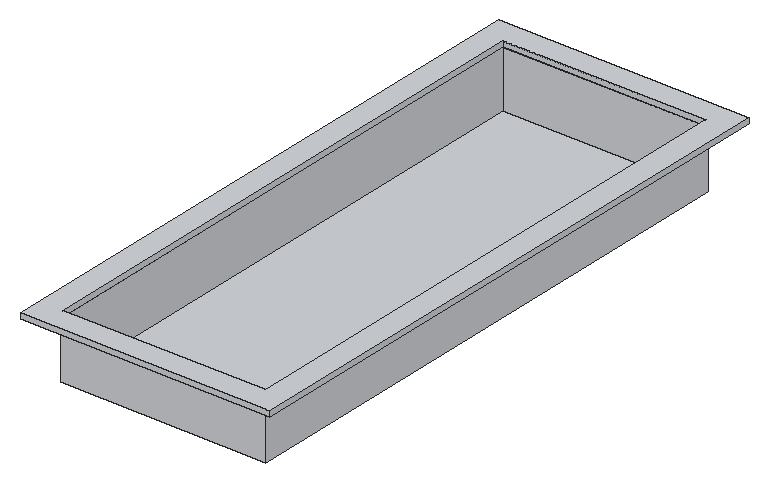
Revit family "Hager-VOLTA-Hollow_wall-Other-Without_Cover-Without_DIN-Hosted-DE-de", category Electrical Equipment, host Face, Revit 2023
Family settings
  Host = Face
  Panel Configuration = Two Columns, Circuits Across
  Round Connector Dimension = Use Diameter
  Part Type = Panelboard
  Cut with Voids When Loaded = No
  Maintain Annotation Orientation = Yes
  Shared = No
  Room Calculation Point = No
Parameters (values of type "VOLTA-Hollow_wall_W348_H880_D98_12_Modular_Spacing-VH60NK")
  Width Control [instance] = if([HG000006-Flush mounted], if([EF000846 - Einbaubreite] > min_whd, [EF000846 - Einbaubreite], min_whd), if([EF000008 - Breite] > min_whd, ([EF000008 - Breite]), min_whd))  # 314 mm
  Void Depth [instance] = if([HG000006-Flush mounted], Depth Control, 1 mm)  # 90 mm
  Uniformat code = "D501001"
  Uniformat = "Low Tension Service & Dist."
  Type Comments = ""
  System Height [instance] = Height Control - 2 * [HG000005-Dicke]  # 842 mm
  Reference description = ""
  Reference = "VOLTA-Hollow_wall_W348_H880_D98_12_Modular_Spacing-VH60NK"
  Object type = ""
  Name hager = "ADD_Enclosures_EC000214"
  Name BIM&CO = "Electricity"
  Name = "VOLTA-Hollow_wall-Other-Without_Cover-Without_DIN-DE"
  Model = ""
  HGEF0002950-Breite in Teilungseinheiten = 12
  HGEF000266-Anzahl der Reihen = 5
  HG000131 - Funktionell label [instance] = ""
  HG000130 - Functional name [instance] = ""
  HG000099-Onfly Template ID-de-DE = "507532"
  HG000060-RAL-number = "9010"
  HG000059 - Betriebsspannung [instance] = 230 V
  HG000017-Distanz zwischen den Polen = 18 mm
  HG000016-3D-Türsichtbarkeit = yes
  HG000015-Sichtbarkeit der Türöffnung = yes
  HG000014-Tür rechts = yes
  HG000013-Tür links = no
  HG000012-Türschwenkwinkel = 90.00°
  HG000011-Leere Reihen von unten = no
  HG000010-Asymmetrische Türen = no
  HG000009-Doppelflügeligen Tür = no
  HG000008-Anzahl der leeren Reihen = 0
  HG000007-Anzahl der leeren Spalten = 0
  HG000006-Flush mounted = yes
  HG000005-Dicke = 2 mm
  HG000004-Herstellerreferenz = "VH60NK"
  HG000003-Bereich = "VOLTA"
  HG000002-Mit tür = no
  HG000001-Anzahl der Spalten = 0
  GTIN (Global Trade Item Number) = ""
  ETIM class name = "Small distribution board"
  ETIM class code = "EC000214"
  EF015941 - Signaldurchlassende Tür = no
  EF015777 - Neutralleiterklemmenblock = no
  EF015776 - Erdungsklemmenblock = no
  EF009212 - Ausführung Deckel = ""
  EF006306 - Mit Schloss = no
  EF006244 - Transparenter Deckel/Tür = no
  EF005474 - Schutzart (IP) = "sonstige"
  EF004464 - Art der Tür = ""
  EF004462 - Art der Schließung = "sonstige"
  EF002950 - Breite in Teilungseinheiten = 12
  EF001596 - Werkstoff des Gehäuses = ""
  EF001134 - DIN-Schiene = no
  EF001131 - Innentiefe = 0 mm
  EF001088 - Anbaumöglichkeit = yes
  EF001062 - EMV-Ausführung = no
  EF000846 - Einbaubreite = 314 mm
  EF000339 - Art der Abdeckung = ""
  EF000332 - Einbauhöhe = 846 mm
  EF000266 - Anzahl der Reihen = 5
  EF000218 - Einbautiefe = 90 mm
  EF000118 - Mit Montageplatte = no
  EF000116 - RAL-Nummer = 9010
  EF000049 - Tiefe = 98 mm
  EF000040 - Höhe = 880 mm
  EF000024 - UV-beständig = no
  EF000008 - Breite = 348 mm
  EF000007 - Farbe = "weiß"
  EF000003 - Montageart = "Hohlwand"
  Creation Date = "12/15/2025 21:45:03"
  Code hager = "ADD-EC000214_EU"
  BIM&CO code = ""
  BC_VARIANT_ID = "1174288"
  BC_OBJECT_VERSION = "#3"  # constant formula
  BC_OBJECT_ID = "513481"  # constant formula
  BC_MODEL_ID = "1547179"  # constant formula
  Arrow Offset [instance] = Depth Control / 8  # 11.25 mm
  Arrow Height [instance] = Depth Control - Arrow Offset  # 78.75 mm
  Host Offset [instance] = if([HG000006-Flush mounted], 0 mm, [EF000049 - Tiefe])  # 0 mm
  min_whd [instance] = (2 * [HG000005-Dicke]) + 1 mm  # 5 mm
  Manufacturer = "Hager"  # constant formula
  Height Control [instance] = if([HG000006-Flush mounted], if([EF000332 - Einbauhöhe] > min_whd, [EF000332 - Einbauhöhe], min_whd), if([EF000040 - Höhe] > min_whd, ([EF000040 - Höhe]), min_whd))  # 846 mm
  Flush Mounted - Door Frame Width [instance] = if(([EF000040 - Höhe] - [EF000332 - Einbauhöhe]) > 0 mm, if([HG000006-Flush mounted], [EF000040 - Höhe] - [EF000332 - Einbauhöhe], 0 mm), 0 mm)  # 34 mm
  Depth Control [instance] = if([HG000006-Flush mounted], if([EF000218 - Einbautiefe] > 0 mm, [EF000218 - Einbautiefe], 1 mm), if([EF000049 - Tiefe] > 0 mm, ([EF000049 - Tiefe]), 1 mm))  # 90 mm
  Default Elevation = 0 mm
Types (5, lengths in mm): name | System Height | Reference | HGEF000266-Anzahl der Reihen | HG000004-Herstellerreferenz | EF009212 - Ausführung Deckel | EF004462 - Art der Schließung | EF001062 - EMV-Ausführung | EF000332 - Einbauhöhe | EF000266 - Anzahl der Reihen | EF000049 - Tiefe | EF000040 - Höhe | EF000008 - Breite | BC_VARIANT_ID | Height Control | Flush Mounted - Door Frame Width
  VOLTA-Hollow_wall_W330_H355_D94_12_Modular_Spacing-VH12NK | 342 | "VOLTA-Hollow_wall_W330_H355_D94_12_Modular_Spacing-VH12NK" | 1 | "VH12NK" | "geschlossen" | "" | yes | 346 | 1 | 94 | 355 | 330 | "1174284" | 346 | 9
  VOLTA-Hollow_wall_W348_H505_D98_12_Modular_Spacing-VH24NK | 467 | "VOLTA-Hollow_wall_W348_H505_D98_12_Modular_Spacing-VH24NK" | 2 | "VH24NK" | "" | "sonstige" | no | 471 | 2 | 98 | 505 | 348 | "1174285" | 471 | 34
  VOLTA-Hollow_wall_W348_H630_D98_12_Modular_Spacing-VH36NK | 592 | "VOLTA-Hollow_wall_W348_H630_D98_12_Modular_Spacing-VH36NK" | 3 | "VH36NK" | "" | "sonstige" | no | 596 | 3 | 98 | 630 | 348 | "1174286" | 596 | 34
  VOLTA-Hollow_wall_W348_H755_D98_12_Modular_Spacing-VH48NK | 717 | "VOLTA-Hollow_wall_W348_H755_D98_12_Modular_Spacing-VH48NK" | 4 | "VH48NK" | "" | "sonstige" | no | 721 | 4 | 98 | 755 | 348 | "1174287" | 721 | 34
  VOLTA-Hollow_wall_W348_H880_D98_12_Modular_Spacing-VH60NK | 842 | "VOLTA-Hollow_wall_W348_H880_D98_12_Modular_Spacing-VH60NK" | 5 | "VH60NK" | "" | "sonstige" | no | 846 | 5 | 98 | 880 | 348 | "1174288" | 846 | 34
Reference planes
  plane 1 "Center (Front/Back)": y = 0
  plane 2: z = 0
  plane 3 "Center (Left/Right)": x = 0
  plane 4: z = 0
  plane 5: y = 36
  plane 6: z = -5
  plane 7: y = 457
  plane 8: y = 34
  plane 9: y = 880
  plane 10: z = -90
  plane 11: x = -157
  plane 12: x = 157
  plane 13: x = 155
  plane 14: x = -155
  plane 15: y = 878
  plane 16: z = -88
  plane 17: z = -2
  plane 18: z = -90
  plane 19: z = -2
  plane 20 "Annotation H": y = -100
  plane 21 "Annotation V": x = 457
Forms (mm)
  Extrusion 1, solid
    sketch origin (-583.045, 34, 1219.2) x (-1, 0, 0) y (0, 0, 1)
      loop
        line (-426.045, -1219.2) -> (-740.045, -1219.2) -> (-740.045, -1309.2) -> (-426.045, -1309.2) -> (-426.045, -1219.2)
    from 0 to 846 <- "Height Control"
  Extrusion 2, void
    sketch origin (-381.607, -4572, 0) x (0, -1, 0) y (-1, 0, 0)
      loop
        line (-5450, -226.607) -> (-5450, -536.607) -> (-4608, -536.607) -> (-4608, -226.607) -> (-5450, -226.607)
    from 0 to 88
  Extrusion 3, void
    sketch origin (0, 0, 0) x (1, 0, 0) y (0, 1, 0)
      loop
        line (-157, 34) -> (157, 34) -> (157, 880) -> (-157, 880) -> (-157, 34)
    from -90 to 1
  Extrusion 4, solid, detail levels coarse+medium
    sketch origin (-381.607, -4572, 0) x (-1, 0, 0) y (0, -1, 0)
      loop
        line (-226.607, -5450) -> (-226.607, -4608) -> (-536.607, -4608) -> (-536.607, -5450) -> (-226.607, -5450)
    from 0 to -2
Cuts and joins
  Extrusion 2 cuts Extrusion 1
Dimensions and locks
  plane 4 to plane 6 = 5 mm
  "Host Offset": plane 4 to host face
  "Flush Mounted - Door Frame Width": plane 1 "Center (Front/Back)" to plane 8
  "HG000005-Dicke": plane 5 to plane 8
  locked: connector elem to plane 3 "Center (Left/Right)"
  "Height Control": plane 9 to plane 8
  equal spacing: plane 9, plane 7, plane 8
  locked: connector elem to plane 7
  "Depth Control": plane 4 to plane 10
  "HG000005-Dicke": plane 11 to plane 14
  "HG000005-Dicke": plane 12 to plane 13
  equal spacing: plane 11, plane 3 "Center (Left/Right)", plane 12
  "Width Control": plane 11 to plane 12
  "Arrow Offset": nested 4 to plane 10
  "HG000005-Dicke": plane 9 to plane 15
  "HG000005-Dicke": plane 16 to plane 10
  "HG000005-Dicke": plane 4 to plane 17
  "Void Depth": plane 2 to plane 18
  "HG000005-Dicke": plane 4 to plane 19
  locked: plane 20 "Annotation H" to plane 1 "Center (Front/Back)" at 100
  locked: plane 12 to plane 21 "Annotation V" at 300
  aligned and locked: plane 2 to host face
  aligned and locked: level to host face
  aligned and locked: plane 3 "Center (Left/Right)" to nested 2
  aligned and locked: plane 4 to nested 2
  aligned and locked: nested 2 to plane 8
  aligned and locked: nested 1 to plane 6
  aligned and locked: plane 5 to nested 1
  aligned and locked: nested 4 to plane 11
  aligned and locked: nested 3 to plane 4
  aligned and locked: Extrusion 1 sketch curve to plane 12
  aligned and locked: Extrusion 1 sketch curve to plane 11
  aligned and locked: nested 3 to plane 10
  aligned and locked: plane 10 to Extrusion 1 sketch curve
  aligned and locked: plane 5 to Extrusion 2 sketch curve
  aligned and locked: Extrusion 2 sketch curve to plane 15
  aligned and locked: Extrusion 2 sketch curve to plane 14
  aligned and locked: Extrusion 2 sketch curve to plane 13
  aligned and locked: plane 11 to Extrusion 3 sketch curve
  aligned and locked: plane 9 to Extrusion 3 sketch curve
  aligned and locked: Extrusion 3 sketch curve to plane 8
  aligned and locked: plane 12 to Extrusion 3 sketch curve
  aligned and locked: nested 3 to plane 12
  aligned and locked: Extrusion 3 to plane 18
  aligned and locked: Extrusion 2 to plane 16
  aligned and locked: Extrusion 1 sketch curve to plane 4
  aligned and locked: Extrusion 4 to plane 17
  aligned and locked: Extrusion 4 sketch curve to plane 15
  aligned and locked: Extrusion 4 sketch curve to plane 13
  aligned and locked: Extrusion 4 sketch curve to plane 14
  aligned and locked: plane 5 to Extrusion 4 sketch curve
  aligned and locked: nested 5 to plane 21 "Annotation V"
  aligned and locked: plane 20 "Annotation H" to nested 5
Automatic sketch dimensions
  host sketch curve to host sketch curve = 1469.727 mm
  host sketch curve to host sketch curve = 1434.803 mm
Nested families
  nested 1: "Hager_Enclosure_System" at (0, 36, -5) x (1, 0, 0) z (0, 1, 0), Height <- "System Height", Flush_Mounted <- "HG000006-Flush mounted", Width_Control <- "Width Control", Built-in_Width <- "EF000846 - Einbaubreite", Width <- "EF000008 - Breite", Depth <- "HG000005-Dicke", Border <- "HG000005-Dicke", Distance_Between_Poles <- "HG000017-Distanz zwischen den Polen", Empty_Columns <- "HG000007-Anzahl der leeren Spalten", Total_No_Empty_Rows <- "HG000008-Anzahl der leeren Reihen", Empty_Rows_From_Bottom <- "HG000011-Leere Reihen von unten", Columns_Count <- "HG000001-Anzahl der Spalten", Rows_Count <- "HGEF000266-Anzahl der Reihen", Row_Module_Multiplicator <- "HGEF0002950-Breite in Teilungseinheiten", type "Hager_Enclosure_System", detail levels fine
    with Width_Control 314 mm, Width 348 mm, Total_No_Rows 5, Total_No_Empty_Rows 0, Total_No_Columns 1, System_Width 310 mm, Rows_Count 5, Rows_Column 5, Row_Module_Multiplicator 12, Panel_4 no, Panel_3 no, Panel_2 no, Panel_1 no, No_Panels_Ctrl 1, Hide_Columns yes, Height 842 mm, Flush_Mounted yes, Empty_Rows_From_Bottom no, Empty_Rows_Column 0, Empty_Columns 0, Empty column 4 0, Empty column 3 0, Empty column 2 0, Empty column 1 0, Distance_Between_Poles 18 mm, Depth 2 mm, Columns_Count 0, Column_Width 310 mm, Built-in_Width 314 mm, Border 2 mm
  nested 2: "Hager_Enclosure_Door" at (0, 34, 0) x (1, 0, 0) z (0, 1, 0), Flush_Mounted <- "HG000006-Flush mounted", Height_Ctrl <- "Height Control", Width_Ctrl <- "Width Control", BuiltIn_Depth <- "EF000218 - Einbautiefe", Depth <- "EF000049 - Tiefe", BuiltIn_Width <- "EF000846 - Einbaubreite", Height <- "EF000040 - Höhe", BuiltIn_Height <- "EF000332 - Einbauhöhe", Width <- "EF000008 - Breite", Transparent <- "EF006244 - Transparenter Deckel/Tür", Border <- "HG000005-Dicke", Door <- "HG000002-Mit tür", Double <- "HG000009-Doppelflügeligen Tür", Assymetrical <- "HG000010-Asymmetrische Türen", Angle <- "HG000012-Türschwenkwinkel", Door_Left <- "HG000013-Tür links", Door_Right <- "HG000014-Tür rechts", Clearance <- "HG000015-Sichtbarkeit der Türöffnung", 3d_Door <- "HG000016-3D-Türsichtbarkeit", type "Hager_Enclosure_Door", detail levels medium+fine
    with min_wh 5 mm, Width_Ctrl 314 mm, Width 348 mm, Transparent_Door_No_Bottom_Border no, Transparent no, Leaf_Width 307 mm, Leaf_Tolerance 1.5 mm, Leaf_Height 839 mm, Leaf_2_Width 307 mm, Leaf_2_Offset 153.5 mm, Leaf_1_Width 307 mm, Leaf_1_Offset 153.5 mm, Height_Ctrl 846 mm, Height 880 mm, Frame_Width_Ctrl 34 mm, Frame_Width 34 mm, Frame_Internal_Offset 2 mm, Frame_Height_Ctrl 34 mm, Frame_Height 34 mm, Frame_Depth_Ctrl 8 mm, Frame_Depth 8 mm, Flush_Mounted yes, Double_Clearance_Ctrl no, Double no, Door_Right_Ctrl no, Door_Right yes, Door_Left_Ctrl no, Door_Left no, Door no, Depth 98 mm, Clearance_Depth 307 mm, Clearance_Ctrl yes, Clearance yes, BuiltIn_Width 314 mm, BuiltIn_Height 846 mm, BuiltIn_Depth 90 mm, Border 2 mm, Assymetrical no, Angle 90.00°, 3d_Door yes
  nested 3: "Hager_Enclosure_Symbol_Triangle" at (-157, 0, -90) x (1, 0, 0) z (0, -1, 0), Depth <- "Depth Control", Width <- "Width Control", type "Hager_Enclosure_Symbol_Triangle"
    with Width_Ctrl 314 mm, Width 314 mm, Depth_Ctrl 90 mm, Depth 90 mm
  nested 4: "Hager_Enclosure_Symbol_Arrow" at (-157, 0, -78.75) x (1, 0, 0) z (0, -1, 0), Height <- "Arrow Height", type "Hager_Enclosure_Symbol_Arrow"
    with Width_Inside 5.906 mm, Width 70.875 mm, Height_Ctrl 78.75 mm, Height 78.75 mm
  nested 5: "Hager_Annotation-HG000130" at (457, -100, 0) x (-1, 0, 0) z (0, 0, 1), HG000130 - Functional name <- "HG000130 - Functional name", type "Hager_Annotation-HG000130"
    with HG000130 - Functional name ""
Connectors
  electrical at (0, 457, -90)
    settings: on plane 10, index 1, voltage 0 V, apparent load 0 VA, apparent load phase1 0 VA, apparent load phase2 0 VA, apparent load phase3 0 VA, power factor 1, load classification "Other", number of poles 1, system type 30, power factor state 1, is connector primary yes, connector utility no, sub classification motor no, connector description ""
Definition of nested family "Hager_Enclosure_Door"
  Parameters (values of type "Hager_Enclosure_Door")
    min_wh [instance] = (2 * Border) + 1 mm  # 11 mm
    Width_Ctrl [instance] = 400 mm
    Width [instance] = 500 mm
    Transparent_Door_No_Bottom_Border [instance] = no
    Transparent [instance] = yes
    Leaf_Width [instance] = if((Width_Ctrl - 2 * Border - 2 * Leaf_Tolerance) > 0 mm, (Width_Ctrl - 2 * Border - 2 * Leaf_Tolerance), min_wh)  # 387 mm
    Leaf_Tolerance [instance] = 1.5 mm  # constant formula
    Leaf_Height [instance] = if((Height_Ctrl - 2 * Border - 2 * Leaf_Tolerance) > 0 mm, (Height_Ctrl - 2 * Border - 2 * Leaf_Tolerance), min_wh)  # 387 mm
    Leaf_2_Width [instance] = if(and(and(Double, Assymetrical), Door_Left), (Leaf_Width / 3) - (Leaf_Tolerance / 2), if(and(and(Double, Assymetrical), Door_Right), (Leaf_Width / 3) * 2 - (Leaf_Tolerance / 2), if(and(Double, not(Assymetrical)), (Leaf_Width / 2) - Leaf_Tolerance, Leaf_Width)))  # 387 mm
    Leaf_2_Offset [instance] = if(and(Double, Assymetrical), Leaf_2_Width / 2, if(and(Double, not(Assymetrical)), Leaf_Width / 4, Leaf_Width / 2))  # 193.5 mm
    Leaf_1_Width [instance] = if(and(and(Double, Assymetrical), Door_Right), (Leaf_Width / 3) - (Leaf_Tolerance / 2), if(and(and(Double, Assymetrical), Door_Left), (Width / 3) * 2 - (Leaf_Tolerance / 2), if(and(Double, not(Assymetrical)), (Leaf_Width / 2) - Leaf_Tolerance, Leaf_Width)))  # 387 mm
    Leaf_1_Offset [instance] = if(and(Double, Assymetrical), Leaf_1_Width / 2, if(and(Double, not(Assymetrical)), Leaf_Width / 4, Leaf_Width / 2))  # 193.5 mm
    Height_Ctrl [instance] = 400 mm
    Height [instance] = 500 mm
    Frame_Width_Ctrl [instance] = if(Frame_Width > 0 mm, Frame_Width, 1 mm)  # 1 mm
    Frame_Width [instance] = Width - BuiltIn_Width  # 0 mm
    Frame_Internal_Offset [instance] = if(Flush_Mounted, Border, 0 mm)  # 5 mm
    Frame_Height_Ctrl [instance] = if(Frame_Height > 0 mm, Frame_Height, 1 mm)  # 1 mm
    Frame_Height [instance] = Height - BuiltIn_Height  # 0 mm
    Frame_Depth_Ctrl [instance] = if(Frame_Depth > 0 mm, Frame_Depth, 1 mm)  # 1 mm
    Frame_Depth [instance] = if(Depth - BuiltIn_Depth > 0 mm, if(Flush_Mounted, Depth - BuiltIn_Depth, 0 mm), 0 mm)  # 0 mm
    Flush_Mounted [instance] = yes
    Double_Clearance_Ctrl [instance] = and(Double, Clearance)  # no
    Double [instance] = no
    Door_Right_Ctrl [instance] = and(or(Door_Right, Double), Door)  # yes
    Door_Right [instance] = yes
    Door_Left_Ctrl [instance] = and(or(Door_Left, Double), Door)  # no
    Door_Left [instance] = no
    Door [instance] = yes
    Depth [instance] = 500 mm
    Default Elevation = 1219.2 mm
    Clearance_Material = none
    Clearance_Depth [instance] = if(Leaf_1_Width > Leaf_2_Width, Leaf_1_Width, Leaf_2_Width)  # 387 mm
    Clearance_Ctrl [instance] = and(not(Double), Clearance)  # yes
    Clearance [instance] = yes
    BuiltIn_Width [instance] = 500 mm
    BuiltIn_Height [instance] = 500 mm
    BuiltIn_Depth [instance] = 500 mm
    Border [instance] = 5 mm
    Assymetrical [instance] = yes
    Angle [instance] = 30.00°
    3d_Door [instance] = yes
  Reference planes
    plane 1 "Center (Front/Back)": y = 0
    plane 2 "Bottom": z = 0
    plane 3 "Center (Left/Right)": x = 0
    plane 4: z = 400
    plane 5: x = -200
    plane 6: x = 200
    plane 7: z = 395
    plane 8: x = -195
    plane 9: z = 5
    plane 10: x = 195
    plane 11: y = 0
    plane 12: z = 6.5
    plane 13: x = -582
    plane 14: y = -387
    plane 15: x = 582
    plane 16: x = 0
    plane 17: x = 0
    plane 18: x = -193.5
    plane 19: x = 193.5
    plane 20: z = 393.5
  Forms (mm)
    Extrusion 1, solid, visible <- "Flush_Mounted"
      sketch origin (0, 0, 0) x (1, 0, 0) y (0, 0, 1)
        loop
          line (195, 5) -> (195, 395) -> (-195, 395) -> (-195, 5) -> (195, 5)
        loop
          line (-201, 401) -> (-201, -1) -> (201, -1) -> (201, 401) -> (-201, 401)
      from 0 to 1 <- "Frame_Depth_Ctrl"
    Extrusion 2, solid, material <- "Clearance_Material", visible <- "Double_Clearance_Ctrl"
      sketch origin (1200, 0, 0) x (1, 0, 0) y (0, 0, -1)
        loop
          line (-1782, -393.5) -> (-618, -393.5) -> (-618, 0) -> (-1782, 0) -> (-1782, -393.5)
      from 0 to -387
  Dimensions and locks
    equal spacing: plane 5, plane 3 "Center (Left/Right)", plane 6
    "Width_Ctrl": plane 5 to plane 6
    "Border": plane 5 to plane 8
    "Border": plane 6 to plane 10
    "Border": plane 9 to level
    "Border": plane 4 to plane 7
    "Height_Ctrl": plane 4 to level
    "Leaf_Tolerance": plane 12 to plane 9
    "Frame_Depth": plane 11 to plane 1 "Center (Front/Back)"
    "Frame_Width_Ctrl": plane 5 to Extrusion 1 sketch curve
    "Frame_Width_Ctrl": plane 6 to Extrusion 1 sketch curve
    "Frame_Width_Ctrl": Extrusion 1 sketch curve to plane 4
    "Frame_Width_Ctrl": plane 2 "Bottom" to Extrusion 1 sketch curve
    "Leaf_1_Offset": plane 18 to plane 16
    "Leaf_2_Offset": plane 17 to plane 19
    "Leaf_1_Width": plane 13 to plane 8
    "Leaf_2_Width": plane 10 to plane 15
    "Clearance_Depth": plane 14 to plane 1 "Center (Front/Back)"
    "Leaf_Tolerance": plane 8 to plane 18
    "Leaf_Tolerance": plane 19 to plane 10
    "Leaf_Tolerance": plane 7 to plane 20
    "Frame_Internal_Offset": plane 5 to Extrusion 1 sketch curve
    "Frame_Internal_Offset": Extrusion 1 sketch curve to plane 2 "Bottom"
    "Frame_Internal_Offset": plane 6 to Extrusion 1 sketch curve
    "Frame_Internal_Offset": plane 4 to Extrusion 1 sketch curve
    aligned and locked: level to plane 2 "Bottom"
    aligned and locked: nested 1 to plane 16
    aligned and locked: nested 2 to plane 17
    aligned and locked: Extrusion 2 to plane 13
    aligned and locked: plane 15 to Extrusion 2
    aligned and locked: Extrusion 2 to plane 14
    aligned and locked: plane 12 to nested 1
    aligned and locked: nested 2 to plane 12
    aligned and locked: Extrusion 2 to plane 11
    aligned and locked: plane 20 to Extrusion 2
    aligned and locked: nested 2 to plane 11
    aligned and locked: nested 1 to plane 11
  Automatic sketch dimensions
    Extrusion 2 sketch curve to level = 0 mm
    plane 5 to Extrusion 2 sketch curve = 382 mm
    plane 6 to Extrusion 2 sketch curve = 382 mm
    Extrusion 2 sketch curve to plane 4 = 6.5 mm
  Nested families
    nested 1: "Hager_Enclosure_Door_Leaf" at (0, 0, 6.5), Width <- "Leaf_1_Width", visible <- "Door_Left_Ctrl", Leaf_Height <- "Leaf_Height", Angle <- "Angle", Depth <- "Border", 3d_Door <- "3d_Door", Transparent <- "Transparent", Clearance Material <- "Clearance_Material", Clearance <- "Clearance_Ctrl", Transparent_Door_No_Bottom_Border <- "Transparent_Door_No_Bottom_Border", type "Hager_Enclosure_Door_Leaf"
      with Width 387 mm, Transparent_Door_No_Bottom_Border no, Transparent_Door_Border_Bottom_Top 25 mm, Transparent_Door_Border 25 mm, Transparent_Ctrl yes, Transparent yes, Standard no, Leaf_Height 387 mm, Glass_Offset 1 mm, Depth 5 mm, Clearance Material none, Clearance yes, Angle_Ctrl 30.00°, Angle 30.00°, 3d_Door yes
    nested 2: "Hager_Enclosure_Door_Leaf" at (0, 0, 6.5) x (-1, 0, 0) z (0, 0, 1), Width <- "Leaf_2_Width", visible <- "Door_Right_Ctrl", Leaf_Height <- "Leaf_Height", Angle <- "Angle", Depth <- "Border", 3d_Door <- "3d_Door", Transparent <- "Transparent", Clearance Material <- "Clearance_Material", Clearance <- "Clearance_Ctrl", Transparent_Door_No_Bottom_Border <- "Transparent_Door_No_Bottom_Border", type "Hager_Enclosure_Door_Leaf"
      with Width 387 mm, Transparent_Door_No_Bottom_Border no, Transparent_Door_Border_Bottom_Top 25 mm, Transparent_Door_Border 25 mm, Transparent_Ctrl yes, Transparent yes, Standard no, Leaf_Height 387 mm, Glass_Offset 1 mm, Depth 5 mm, Clearance Material none, Clearance yes, Angle_Ctrl 30.00°, Angle 30.00°, 3d_Door yes
  Definition of nested family "Hager_Enclosure_Door_Leaf"
    Parameters (values of type "Hager_Enclosure_Door_Leaf")
      Width [instance] = 2000 mm
      Transparent_Door_No_Bottom_Border [instance] = yes
      Transparent_Door_Border_Bottom_Top [instance] = if(Transparent_Door_No_Bottom_Border, 0.1 mm, Transparent_Door_Border)  # 0.1 mm
      Transparent_Door_Border [instance] = if(Transparent_Door_No_Bottom_Border, (Width * 0.12), 25 mm)  # 240 mm
      Transparent_Ctrl [instance] = and(Transparent, [3d_Door])  # yes
      Transparent [instance] = yes
      Standard [instance] = and(not(Transparent), [3d_Door])  # no
      Leaf_Height [instance] = 2720.336 mm
      Glass_Offset [instance] = if((Depth - 10 mm) / 2 > 0 mm, (Depth - 10 mm) / 2, 1 mm)  # 15 mm
      Glass_Material = none
      Depth [instance] = 40 mm
      Default Elevation = 0 mm
      Clearance Material [instance] = none
      Clearance [instance] = yes
      Angle_Ctrl [instance] = if(Angle > 170.00°, 170.00°, Angle)  # 45.00°
      Angle [instance] = 45.00°
      3d_Door [instance] = yes
    Reference planes
      plane 1 "Center (Front/Back)": y = 0
      plane 2: z = 0
      plane 3 "Center (Left/Right)": x = 0
      plane 4: y = 2000
      plane 5: x = -1000
      plane 6: x = 1000
      plane 7: x = -3000
      plane 8: z = 2720.336
      plane 9: z = 0.1
      plane 10: z = 2720.236
      plane 11: x = 760
      plane 12: x = -760
    Forms (mm)
      Extrusion 1, solid, material <- "Clearance Material", visible <- "Clearance"
        sketch origin (0, 0, 0) x (1, 0, 0) y (0, 0, 1)
          loop
            line (-3000, 2720.336) -> (-3000, 0) -> (1000, 0) -> (1000, 2720.336) -> (-3000, 2720.336)
        from 0 to -2000
      Extrusion 2, solid, visible <- "Standard", detail levels medium+fine
        sketch origin (-1000, 0, 0) x (0.707107, 0.707107, 0) y (-0.707107, 0.707107, 0)
          loop
            line (0, -40) -> (2000, -40) -> (2000, 0) -> (0, 0) -> (0, -40)
        from 0 to 2720.336 <- "Leaf_Height"
      Extrusion 3, solid, visible <- "Transparent_Ctrl", detail levels medium+fine
        sketch origin (-1000, 0, 0) x (0.707107, 0.707107, 0) y (-0.707107, 0.707107, 0)
          loop
            line (0, -40) -> (2000, -40) -> (2000, 0) -> (0, 0) -> (0, -40)
        from 0 to 2720.336 <- "Leaf_Height"
      Extrusion 4, void, detail levels medium+fine
        sketch origin (-1000, 0, 0) x (-0.707107, 0.707107, 0) y (0.707107, 0.707107, 0)
          loop
            line (0, 240) -> (0, 1760) -> (-40, 1760) -> (-40, 240) -> (0, 240)
        from -2720.236 to -0.1
      Extrusion 5, solid, material <- "Glass_Material", visible <- "Transparent_Ctrl", detail levels medium+fine
        sketch origin (-1000, 0, 0) x (0.707107, 0.707107, 0) y (-0.707107, 0.707107, 0)
          loop
            line (240, -15) -> (240, -25) -> (1760, -25) -> (1760, -15) -> (240, -15)
        from 0.1 to 2720.236
    Cuts and joins
      Extrusion 4 cuts Extrusion 3
    Lines and regions (mm)
      symbolic lines
        curve 1: line (1000, 0, 0) -> (-3000, 0, 0)
        curve 2: arc (1000, 0, 0) -> (-1000, 2000, 0) -> (-3000, 0, 0) r 2000
        curve 4: line (-1000, 0, 0) -> (414.214, 1414.214, 0)
      reference lines
        curve 3: line (-1000, 0, 0) -> (414.214, 1414.214, 0)
      symbolic lines, detail levels medium+fine
        curve 5: line (414.214, 1414.214, 0) -> (442.498, 1385.929, 0)
        curve 6: line (442.498, 1385.929, 0) -> (-971.716, -28.284, 0)
        curve 7: line (-971.716, -28.284, 0) -> (-1000, 0, 0)
        curve 8: line (-1000, 0, 2720.336) -> (1000, 0, 2720.336)
        curve 9: line (-1000, 0, 0) -> (-1000, 0, 2720.336)
        curve 10: line (1000, 0, 0) -> (-1000, 0, 0)
        curve 11: line (1000, 0, 2720.336) -> (1000, 0, 0)
      symbolic lines, visible <- "Transparent_Ctrl", detail levels medium+fine
        curve 12: line (-760, 0, 2720.236) -> (760, 0, 2720.236)
        curve 13: line (-760, 0, 0.1) -> (-760, 0, 2720.236)
        curve 14: line (760, 0, 0.1) -> (-760, 0, 0.1)
        curve 15: line (760, 0, 2720.236) -> (760, 0, 0.1)
    Dimensions and locks
      "Width": plane 1 "Center (Front/Back)" to plane 4
      equal spacing: plane 5, plane 3 "Center (Left/Right)", plane 6
      "Width": plane 5 to plane 6
      "Width": plane 7 to plane 5
      "Leaf_Height": plane 8 to level
      "Depth": curve 6 to curve 3
      "Width": curve 5 to curve 3
      "Width": curve 3 to curve 3
      "Transparent_Door_Border": Extrusion 4 sketch curve to curve 7
      "Transparent_Door_Border": Extrusion 4 sketch curve to curve 5
      "Transparent_Door_Border_Bottom_Top": plane 8 to plane 10
      "Transparent_Door_Border_Bottom_Top": plane 9 to level
      "Glass_Offset": Extrusion 5 sketch curve to curve 4
      "Glass_Offset": Extrusion 5 sketch curve to curve 6
      "Transparent_Door_Border": Extrusion 5 sketch curve to curve 5
      "Transparent_Door_Border": Extrusion 5 sketch curve to curve 7
      "Transparent_Door_Border": plane 12 to plane 5
      "Transparent_Door_Border": plane 6 to plane 11
      "Angle_Ctrl": angle plane 1 "Center (Front/Back)" to curve 3
      aligned and locked: level to plane 2
      aligned and locked: Extrusion 1 to curve 1
      aligned and locked: plane 6 to Extrusion 1
      aligned and locked: Extrusion 1 to plane 1 "Center (Front/Back)"
      aligned and locked: plane 4 to Extrusion 1
      aligned and locked: plane 8 to Extrusion 1
      aligned and locked: curve 4 to curve 3
      aligned and locked: Extrusion 2 sketch curve to curve 7
      aligned and locked: Extrusion 2 sketch curve to curve 6
      aligned and locked: Extrusion 2 sketch curve to curve 5
      aligned and locked: Extrusion 2 sketch curve to curve 3
      aligned and locked: curve 7 to Extrusion 3 sketch curve
      aligned and locked: Extrusion 3 sketch curve to curve 4
      aligned and locked: Extrusion 3 sketch curve to curve 6
      aligned and locked: Extrusion 3 sketch curve to curve 5
      aligned and locked: curve 4 to Extrusion 4 sketch curve
      aligned and locked: curve 6 to Extrusion 4 sketch curve
      aligned and locked: Extrusion 4 to plane 9
      aligned and locked: Extrusion 4 to plane 10
      aligned and locked: Extrusion 5 to plane 9
      aligned and locked: Extrusion 5 to plane 10
      aligned and locked: curve 8 to plane 8
      aligned and locked: plane 5 to curve 9
      aligned and locked: plane 2 to curve 10
      aligned and locked: curve 11 to plane 6
      aligned and locked: plane 10 to curve 12
      aligned and locked: plane 12 to curve 13
      aligned and locked: curve 14 to plane 9
      aligned and locked: plane 11 to curve 15
    Automatic sketch dimensions
      plane 1 "Center (Front/Back)" to curve 2 = 0 mm
      curve 2 to plane 5 = 0 mm
      Extrusion 1 sketch curve to level = 0 mm
      Extrusion 1 sketch curve to plane 7 = 0 mm
      Extrusion 1 sketch curve to plane 6 = 0 mm
      Extrusion 1 sketch curve to plane 8 = 0 mm
      plane 1 "Center (Front/Back)" to curve 3 = 0 mm
      curve 3 to plane 5 = 0 mm
      curve 7 to curve 3 = 0 mm
Definition of nested family "Hager_Enclosure_Symbol_Triangle"
  Parameters (values of type "Hager_Enclosure_Symbol_Triangle")
    Width_Ctrl [instance] = if(Width > 1 mm, Width, 1 mm)  # 498 mm
    Width [instance] = 498 mm
    Depth_Ctrl [instance] = if(Depth > 1 mm, Depth, 1 mm)  # 72 mm
    Depth [instance] = 72 mm
  Reference planes
    plane 1 "Centre (avant/arrière)": y = 0
    plane 2: z = 0
    plane 3 "Centre (gauche/droite)": x = 0
  Lines and regions (mm)
    Filled region 1, type "Solid_Black", in view "Niveau de réf."
      outline origin (0, 0, 0) x (1, 0, 0) y (0, 1, 0)
        loop
          line (0, 0) -> (498, 0) -> (498, 72) -> (0, 0)
    reference lines, in view "Niveau de réf."
      curve 1: line (-206.153, 72, 0) -> (1083.258, 72, 0)
      curve 2: line (498, 405.456, 0) -> (498, -517.619, 0)
  Dimensions and locks
    "Depth_Ctrl": plane 1 "Centre (avant/arrière)" to curve 1
    "Width_Ctrl": plane 3 "Centre (gauche/droite)" to curve 2
    aligned and locked: curve 1 to Filled region 1 sketch curve
    aligned and locked: Filled region 1 sketch curve to plane 1 "Centre (avant/arrière)"
    aligned and locked: curve 2 to Filled region 1 sketch curve
    aligned and locked: plane 3 "Centre (gauche/droite)" to Filled region 1 sketch curve
    aligned and locked: plane 1 "Centre (avant/arrière)" to Filled region 1 sketch curve
  Automatic sketch dimensions
    curve 1 to plane 3 "Centre (gauche/droite)" = 206.153 mm
    curve 2 to curve 1 = 585.258 mm
    plane 1 "Centre (avant/arrière)" to curve 2 = 517.619 mm
    curve 2 to plane 1 "Centre (avant/arrière)" = 405.456 mm
Definition of nested family "Hager_Enclosure_Symbol_Arrow"
  Parameters (values of type "Hager_Enclosure_Symbol_Arrow")
    Width_Inside [instance] = if(Width / 12 > 2 mm, Width / 12, 2 mm)  # 4.987 mm
    Width [instance] = if(Height_Ctrl * 0.9 > 2 mm, Height_Ctrl * 0.9, 2 mm)  # 59.85 mm
    Height_Ctrl [instance] = if(Height > 2 mm, Height, 2 mm)  # 66.5 mm
    Height [instance] = 66.5 mm
  Reference planes
    plane 1 "Centre (avant/arrière)": y = 0
    plane 2: z = 0
    plane 3 "Centre (gauche/droite)": x = 0
    plane 4: x = 59.85
    plane 5: y = 28.263
    plane 6: y = 38.238
    plane 7: y = 66.5
    plane 8: x = 29.925
    plane 9: y = 33.25
  Lines and regions (mm)
    Filled region 1, type "Solid_Black", in view "Niveau de réf."
      outline origin (0, 0, 0) x (1, 0, 0) y (0, 1, 0)
        loop
          line (59.85, 66.5) -> (37.929, 52.827) -> (51.846, 41.935) -> (59.85, 66.5)
    detail lines, in view "Niveau de réf."
      curve 1: line (0, 0, 0) -> (29.925, 38.238, 0)
      curve 2: line (29.925, 38.238, 0) -> (29.925, 28.263, 0)
      curve 3: line (29.925, 28.263, 0) -> (59.85, 66.5, 0)
  Dimensions and locks
    "Width": plane 3 "Centre (gauche/droite)" to plane 4
    "Height_Ctrl": plane 7 to plane 1 "Centre (avant/arrière)"
    equal spacing: plane 3 "Centre (gauche/droite)", plane 8, plane 4
    equal spacing: plane 7, plane 9, plane 1 "Centre (avant/arrière)"
    equal spacing: plane 6, plane 9, plane 5
    "Width_Inside": plane 6 to plane 9
    equal spacing: curve 3, Filled region 1 sketch curve, Filled region 1 sketch curve
    angle Filled region 1 sketch curve to curve 3 = 20.00°
    angle curve 3 to Filled region 1 sketch curve = 20.00°
    locked: curve 3 to Filled region 1 sketch curve (angle 90.00°)
  Automatic sketch dimensions
    plane 1 "Centre (avant/arrière)" to curve 1 = 0 mm
    curve 1 to plane 3 "Centre (gauche/droite)" = 0 mm
    curve 2 to plane 6 = 0 mm
    curve 3 to plane 8 = 0 mm
    curve 3 to plane 4 = 0 mm
    curve 2 to plane 5 = 0 mm
    curve 3 to plane 7 = 0 mm
    Filled region 1 sketch curve to plane 4 = 0 mm
    Filled region 1 sketch curve to plane 7 = 0 mm
Definition of nested family "Hager_Annotation-HG000130"
  Parameters (values of type "Hager_Annotation-HG000130")
    HG000130 - Functional name [instance] = ""
  Reference planes
    plane 1: y = 0
    plane 2: x = 0
  Lines and regions (mm)
    detail lines
      curve 1: line (-27.5, 10, 0) -> (27.5, 10, 0)
      curve 2: line (-27.5, -10, 0) -> (-27.5, 10, 0)
      curve 3: line (27.5, -10, 0) -> (-27.5, -10, 0)
      curve 4: line (27.5, 10, 0) -> (27.5, -10, 0)
  Text (mm)
    label "HG000130 - Functional name" at (0.16, 0.026, 0), shows "HG000130 - Functional name"
